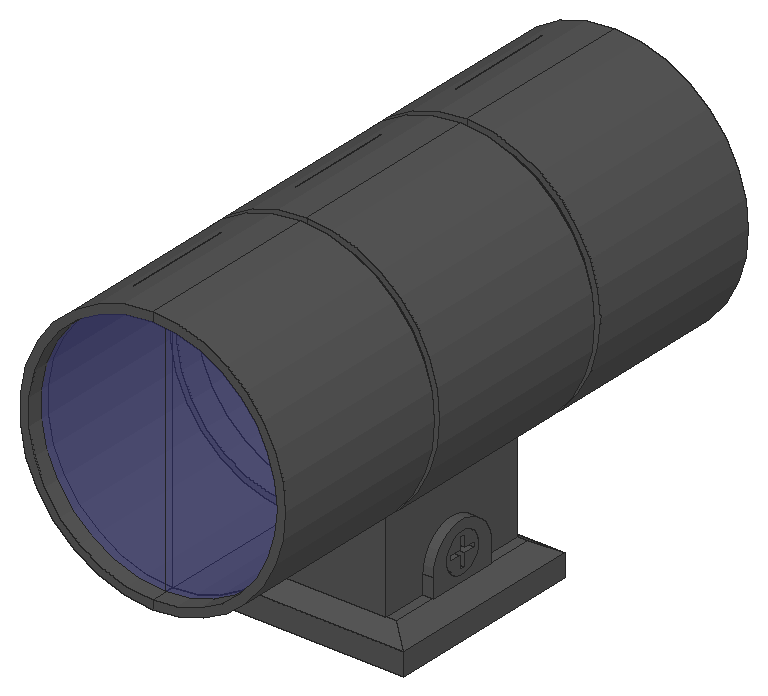
Revit family "CARLO CYLINDER LIGHT WALL MOUNT", category Lighting Fixtures, host Face, Revit 2020 (continued)
Types (10): name | Wattage_Input | Wattage Comments | Wattage | Photometric Web File | built-in parameter 1150142 | Model | built-in parameter 1150105 | Lumens | Light Length 1 | LIGHT RADIUS | LIGHT PLACEMENT | LIGHT LENGTH | LIGHT DIA | built-in parameter 1150106 | FIXED END HEIGHT | Curve base Height | Base Curve | BEAMING ANGLE | Apparent Load
    5 \r\n 1185.5 1198.5 1211 1222.8 1234 1244.9 1255.4 1265.9 1276.4 1287.8 \r\n 1299.1 1309.5 1319.4 1328.9 1337.8 1346.1 1353.6 1360.5 1366.6 1371.7 \r\n 1375.8 1378.6 1380.7 1382.8 1384.9 1387.3 1390.2 1394.1 1398.3 1402.6 \r\n 1406.6 1409.6 1411.8 1412.9 1413.6 1414.4 1414.9 1414.5 1413.7 1412.8 \r\n 1412.7 \r\n1391.1 1413.9 1414.8 1415.7 1416.1 1415.5 1414.5 1413.7 1412.6 1410.5 \r\n 1407.5 1403.5 1399 1394.6 1390.6 1387.6 1385.2 1383.1 1381.2 1379.4 \r\n 1377 1372.6 1367.2 1361.4 1354.9 1347.3 1338.9 1330 1320.5 1310.6 \r\n 1300.2 1289 1277.7 1266.9 1256.4 1246 1235.3 1223.9 1211.9 1199.2 \r\n 1186.2 1173.1 1159.7 1145.6 1131 1116.6 1101.7 1086.1 1069.4 1051 \r\n 1031.8 1012.7 992.63 970.79 947.56 922.97 897.3 870.43 843.53 817.37 \r\n 793.07 772.46 754.15 737.5 722.13 707.49 693.43 679.73 666.14 652.19 \r\n 638.26 624.55 611.2 598.53 586.16 573.78 561.49 549.63 537.22 524.19 \r\n 508.05 485.4 458.87 429.89 398.62 365.46 331.23 296.93 262.54 227.9 \r\n 194.36 162.79 134.51 112.46 92.7 69.98 51.083 43.346 39.864 35.703 \r\n 32.297 29.503 27.122 24.857 22.872 21.261 19.939 18.881 17.996 17.185 \r\n 16.453 15.773 15.144 14.553 14.012 13.538 13.104 12.685 12.29 11.912 \r\n 11.563 11.253 10.975 10.723 10.5 10.314 10.142 9.963 9.7861 9.617 \r\n 9.4493 9.281 9.1048 8.9089 8.7049 8.5091 8.2963 8.0339 7.7608 7.5145 \r\n 7.2676 7.0002 6.7271 6.4547 6.1876 5.9383 5.6904 5.4256 5.1618 4.9152 \r\n 4.6727 4.42 4.1762 3.9637 3.7586 3.544 3.33 3.1191 2.9171 2.7367 \r\n 2.5598 2.3649 2.1754 2.0159 1.8621 1.6901 1.5227 1.3796 1.2454 1.1088 \r\n 0.9768 0.85317 0.73602 0.62245 0.51934 0.43609 0.36261 0.29481 0.24703 0.24176 \r\n 0.2505 0.24176 0.24703 0.29481 0.36261 0.43609 0.51934 0.62245 0.73602 0.85317 \r\n 0.9768 1.1088 1.2454 1.3796 1.5227 1.6901 1.8621 2.0159 2.1754 2.3649 \r\n 2.5598 2.7367 2.9171 3.1191 3.33 3.544 3.7586 3.9637 4.1762 4.42 \r\n 4.6727 4.9152 5.1618 5.4256 5.6904 5.9383 6.1876 6.4547 6.7271 7.0002 \r\n 7.2676 7.5145 7.7608 8.0339 8.2963 8.5091 8.7049 8.9089 9.1048 9.281 \r\n 9.4493 9.617 9.7861 9.963 10.142 10.314 10.5 10.723 10.975 11.253 \r\n 11.563 11.912 12.29 12.685 13.104 13.538 14.012 14.553 15.144 15.773 \r\n 16.453 17.185 17.996 18.881 19.939 21.261 22.872 24.857 27.122 29.503 \r\n 32.297 35.703 39.864 43.346 51.083 69.98 92.7 112.46 134.51 162.79 \r\n 194.36 227.9 262.54 296.93 331.23 365.46 398.62 429.88 458.87 485.4 \r\n 508.05 524.19 537.22 549.63 561.49 573.78 586.16 598.53 611.2 624.55 \r\n 638.26 652.19 666.14 679.73 693.43 707.49 722.13 737.5 754.15 772.46 \r\n 793.07 817.37 843.53 870.43 897.3 922.97 947.56 970.79 992.63 1012.7 \r\n 1031.8 1051 1069.4 1086.1 1101.7 1116.6 1131 1145.6 1159.7 1173.1 \r\n 1186.2 1199.2 1211.9 1223.9 1235.3 1246 1256.4 1266.9 1277.7 1289 \r\n 1300.2 1310.6 1320.5 1330 1338.9 1347.3 1354.9 1361.4 1367.2 1372.6 \r\n 1377 1379.4 1381.2 1383.1 1385.2 1387.6 1390.6 1394.6 1399 1403.5 \r\n 1407.5 1410.5 1412.6 1413.7 1414.5 1415.5 1416.1 1415.7 1414.8 1413.9 \r\n 1412.7 \r\n1391.1 1412.8 1413.7 1414.5 1414.9 1414.4 1413.6 1412.9 1411.8 1409.6 \r\n 1406.6 1402.6 1398.3 1394.1 1390.2 1387.3 1384.9 1382.8 1380.7 1378.6 \r\n 1375.8 1371.7 1366.6 1360.5 1353.6 1346.1 1337.8 1328.9 1319.4 1309.5 \r\n 1299.1 1287.8 1276.4 1265.9 1255.4 1244.9 1234 1222.8 1211 1198.5 \r\n 1185.5 1172.5 1159.1 1145.1 1130.8 1116.2 1101.2 1085.8 1069.5 1051.5 \r\n 1032.6 1013.7 993.83 972.48 949.79 925.64 900.26 873.42 846.35 819.74 \r\n 794.95 774.09 755.64 738.91 723.5 708.79 694.71 681.08 667.55 653.5 \r\n 639.5 625.95 612.73 599.93 587.36 574.89 562.47 550.24 537.55 524.58 \r\n 508.9 487.49 462.26 433.88 403.03 370.36 336.65 302.96 269.15 235.14 \r\n 201.82 169.48 139.76 115.16 93.294 71.116 53.16 44.779 40.46 36.182 \r\n 32.828 29.957 27.527 25.348 23.422 21.659 20.155 19.028 18.114 17.287 \r\n 16.546 15.845 15.199 14.608 14.069 13.586 13.142 12.721 12.326 11.951 \r\n 11.606 11.301 11.026 10.769 10.539 10.346 10.172 10.001 9.8328 9.6644 \r\n 9.4965 9.3336 9.1617 8.9611 8.7525 8.5608 8.3528 8.0896 7.813 7.5593 \r\n 7.3055 7.0368 6.7649 6.4967 6.2325 5.978 5.7242 5.4592 5.1982 4.958 \r\n 4.7219 4.4729 4.2285 4.0067 3.7939 3.583 3.3743 3.1616 2.9573 2.7796 \r\n 2.6046 2.4041 2.2089 2.0502 1.898 1.7238 1.5531 1.4068 1.2696 1.1313 \r\n 0.99799 0.87329 0.75532 0.6422 0.53739 0.44445 0.36135 0.28851 0.23826 0.23287 \r\n 0.243 0.23655 0.24397 0.2919 0.35967 0.43493 0.51938 0.61968 0.72995 0.84583 \r\n 0.9696 1.1047 1.2434 1.3732 1.5114 1.6791 1.8523 2.006 2.1646 2.3515 \r\n 2.545 2.7259 2.9099 3.1097 3.3168 3.5278 3.7405 3.9467 4.1614 4.4043 \r\n 4.6532 4.886 5.1225 5.3817 5.644 5.8913 6.138 6.3941 6.6548 6.9216 \r\n 7.1864 7.4375 7.6869 7.952 8.2052 8.4156 8.6105 8.8121 9.006 9.1823 \r\n 9.3503 9.514 9.6794 9.8569 10.039 10.213 10.402 10.628 10.882 11.163 \r\n 11.475 11.825 12.201 12.59 13.002 13.441 13.919 14.451 15.032 15.658 \r\n 16.337 17.068 17.877 18.76 19.81 21.106 22.684 24.638 26.873 29.217 \r\n 31.983 35.399 39.538 42.866 50.437 69.386 91.933 110.66 131.62 159.62 \r\n 190.89 223.25 256.73 290.71 325 359.66 393.36 424.82 453.92 480.6 \r\n 503.36 519.59 532.64 544.94 556.66 568.88 581.27 593.8 606.69 620.24 \r\n 634.09 647.97 661.85 675.55 689.31 703.16 717.57 732.96 749.6 767.71 \r\n 787.96 811.59 837.09 863.65 890.36 916.03 940.69 963.94 985.89 1006.4 \r\n 1025.9 1044.9 1063.1 1079.9 1095.9 1111.4 1126.4 1141.1 1155.4 1168.9 \r\n 1182.1 1195.1 1207.7 1219.8 1231.3 1242 1252.5 1263 1273.7 1284.8 \r\n 1295.7 1305.8 1315.4 1324.3 1332.8 1341 1348.5 1354.8 1360.2 1365.4 \r\n 1369.5 1371.6 1373.1 1374.7 1376.5 1379.1 1382.3 1386.5 1391.1 1395.2 \r\n 1399 1401.8 1403.9 1405.4 1406.3 1407.3 1407.8 1407.5 1406.8 1406 \r\n 1412.7 \r\n1391.1 1411.7 1412.7 1413.4 1413.6 1413.3 1412.6 1412.1 1411 1408.7 \r\n 1405.6 1401.6 1397.4 1393.4 1389.7 1386.9 1384.5 1382.4 1380.2 1377.7 \r\n 1374.7 1370.7 1365.7 1359.4 1352.2 1344.6 1336.4 1327.5 1318 1308.1 \r\n 1297.6 1286.3 1274.9 1264.5 1254.2 1243.4 1232.5 1221.3 1209.8 1197.3 \r\n 1184.4 1171.4 1158 1144.2 1130 1115.3 1100.2 1085 1069 1051.3 \r\n 1032.7 1013.9 994.16 973.19 950.92 927.1 901.93 875.11 847.91 820.98 \r\n 795.87 774.86 756.33 739.56 724.13 709.39 695.28 681.69 668.2 654.12 \r\n 640.1 626.68 613.57 600.68 587.97 575.43 562.91 550.4 537.48 524.54 \r\n 509.19 488.69 464.42 436.5 405.97 373.68 340.38 307.15 273.8 240.31 \r\n 207.17 174.27 143.47 116.97 93.569 71.832 54.613 45.773 40.846 36.492 \r\n 33.188 30.272 27.812 25.689 23.798 21.925 20.289 19.115 18.181 17.343 \r\n 16.597 15.883 15.226 14.635 14.099 13.61 13.161 12.74 12.347 11.976 \r\n 11.635 11.336 11.065 10.805 10.57 10.373 10.197 10.031 9.8695 9.7015 \r\n 9.5333 9.3736 9.2036 8.9988 8.7858 8.5961 8.3907 8.127 7.8479 7.5882 \r\n 7.3287 7.0589 6.7881 6.5236 6.2621 6.0039 5.746 5.4809 5.2221 4.9877 \r\n 4.7571 4.51 4.2635 4.0356 3.8177 3.6097 3.405 3.1915 2.9858 2.8094 \r\n 2.635 2.4307 2.2315 2.0734 1.9222 1.7467 1.5739 1.4255 1.2864 1.1461 \r\n 1.0114 0.88624 0.76811 0.65559 0.54969 0.44963 0.3594 0.28389 0.23008 0.22393 \r\n 0.23443 0.22943 0.23837 0.28647 0.35426 0.43064 0.51574 0.61369 0.72115 0.83544 \r\n 0.95881 1.0964 1.2368 1.3631 1.4973 1.6647 1.8384 1.9921 2.1501 2.3345 \r\n 2.5264 2.7106 2.8975 3.0951 3.2988 3.5075 3.7188 3.9258 4.1412 4.3828 \r\n 4.6284 4.8541 5.0832 5.3375 5.5966 5.8438 6.0892 6.3364 6.5876 6.8492 \r\n 7.112 7.3664 7.6185 7.8777 8.1239 8.333 8.5279 8.7273 8.9194 9.0964 \r\n 9.2647 9.4246 9.5864 9.7642 9.9474 10.122 10.313 10.54 10.796 11.077 \r\n 11.389 11.738 12.111 12.494 12.902 13.343 13.822 14.345 14.916 15.537 \r\n 16.212 16.939 17.743 18.621 19.659 20.924 22.463 24.378 26.569 28.862 \r\n 31.577 34.974 39.063 42.268 49.619 68.234 90.278 108.15 128.26 155.96 \r\n 186.91 218.34 250.93 284.56 318.81 353.76 387.84 419.53 448.81 475.7 \r\n 498.67 515.12 528.32 540.58 552.21 564.38 576.78 589.44 602.49 616.17 \r\n 630.09 643.91 657.74 671.52 685.34 699.03 713.26 728.65 745.27 763.16 \r\n 783.04 806.03 830.9 857.13 883.68 909.32 934.03 957.31 979.38 1000.2 \r\n 1020 1039 1057.1 1074 1090.3 1106.3 1121.8 1136.7 1151 1164.7 \r\n 1178 1190.9 1203.5 1215.6 1227.3 1238.1 1248.6 1259.1 1269.7 1280.6 \r\n 1291.3 1301.2 1310.4 1319 1327.2 1335.3 1342.7 1348.8 1354.1 1359.1 \r\n 1363.1 1365.1 1366.3 1367.7 1369.4 1372 1375.4 1379.7 1384.2 1388.1 \r\n 1391.6 1394.3 1396.5 1398.2 1399.5 1400.4 1400.8 1400.7 1400.2 1399.5 \r\n 1412.7 \r\n1391.1 1410.7 1411.7 1412.3 1412.4 1412.2 1411.6 1411.1 1410.1 1407.7 \r\n 1404.5 1400.6 1396.4 1392.6 1389.2 1386.5 1384.1 1381.9 1379.6 1376.8 \r\n 1373.5 1369.5 1364.5 1358 1350.6 1343 1334.8 1325.8 1316.2 1306.2 \r\n 1295.7 1284.4 1273 1262.8 1252.6 1241.8 1230.7 1219.6 1208.1 1195.7 \r\n 1182.9 1169.8 1156.5 1142.8 1128.6 1113.8 1098.7 1083.6 1067.9 1050.4 \r\n 1032 1013.2 993.6 972.93 950.97 927.35 902.31 875.48 848.2 821.11 \r\n 795.84 774.77 756.22 739.45 724.03 709.26 695.14 681.57 668.11 654.04 \r\n 640.05 626.74 613.72 600.78 587.99 575.4 562.81 550.09 537.01 524.07 \r\n 508.91 489 465.36 437.74 407.44 375.43 342.42 309.52 276.49 243.38 \r\n 210.42 177.15 145.63 117.91 93.525 72.128 55.441 46.328 41.02 36.636 \r\n 33.379 30.448 27.976 25.879 24 22.057 20.342 19.14 18.197 17.355 \r\n 16.608 15.887 15.224 14.635 14.101 13.611 13.16 12.741 12.352 11.985 \r\n 11.649 11.357 11.09 10.83 10.593 10.395 10.218 10.055 9.896 9.7284 \r\n 9.5599 9.4008 9.2305 9.0218 8.8048 8.6149 8.4102 8.1462 7.8655 7.6012 \r\n 7.3373 7.0665 6.7967 6.5353 6.2763 6.0162 5.7558 5.4908 5.2337 5.0034 \r\n 4.7764 4.5291 4.2812 4.0502 3.83 3.624 3.422 3.2088 3.0026 2.8262 \r\n 2.6512 2.4446 2.2434 2.0854 1.9348 1.7587 1.5851 1.4359 1.2956 1.1535 \r\n 1.0172 0.89201 0.7744 0.66263 0.55626 0.45162 0.35675 0.28096 0.22252 0.21493 \r\n 0.2248 0.22041 0.23025 0.27853 0.34638 0.42322 0.50841 0.60447 0.70961 0.82202 \r\n 0.94443 1.0838 1.2256 1.3493 1.4804 1.6467 1.8202 1.9741 2.132 2.3139 \r\n 2.5039 2.6906 2.8799 3.0753 3.276 3.4832 3.6937 3.9005 4.1155 4.3554 \r\n 4.5983 4.8196 5.0437 5.2929 5.5481 5.7958 6.041 6.2816 6.5255 6.7831 \r\n 7.0441 7.3012 7.5556 7.8108 8.0525 8.2615 8.4569 8.6546 8.8451 9.0234 \r\n 9.1924 9.3489 9.5072 9.6849 9.8688 10.044 10.233 10.46 10.716 10.996 \r\n 11.306 11.651 12.021 12.399 12.802 13.243 13.721 14.236 14.798 15.411 \r\n 16.079 16.799 17.594 18.463 19.483 20.714 22.208 24.075 26.21 28.436 \r\n 31.08 34.427 38.439 41.551 48.631 66.525 87.734 104.91 124.45 151.8 \r\n 182.41 213.17 245.14 278.48 312.65 347.75 382.09 414.01 443.55 470.7 \r\n 493.96 510.76 524.24 536.54 548.13 560.28 572.68 585.45 598.61 612.34 \r\n 626.27 640.03 653.8 667.64 681.51 695.1 709.22 724.59 741.14 758.81 \r\n 778.32 800.69 824.95 850.87 877.24 902.84 927.58 950.9 973.09 994.25 \r\n 1014.3 1033.3 1051.3 1068.4 1084.9 1101.3 1117.3 1132.3 1146.6 1160.5 \r\n 1173.8 1186.8 1199.3 1211.5 1223.2 1234.1 1244.6 1255.1 1265.6 1276.4 \r\n 1286.9 1296.6 1305.8 1314.1 1322.1 1330.2 1337.6 1343.6 1348.7 1353.7 \r\n 1357.7 1359.7 1360.9 1362.1 1363.7 1366.4 1369.8 1374.1 1378.5 1382.1 \r\n 1385.4 1388.1 1390.3 1392.3 1393.9 1394.8 1395.2 1395.2 1394.9 1394.2 \r\n 1412.7 \r\n1391.1 1409.7 1410.7 1411.2 1411.3 1411.1 1410.6 1410.1 1409 1406.5 \r\n 1403.2 1399.4 1395.3 1391.8 1388.6 1385.9 1383.6 1381.3 1378.9 1375.8 \r\n 1372.3 1368.2 1363.1 1356.4 1348.8 1341.1 1332.9 1323.8 1314.1 1304 \r\n 1293.4 1282.1 1270.9 1260.7 1250.6 1239.8 1228.6 1217.6 1206.1 1193.8 \r\n 1180.9 1167.9 1154.6 1140.9 1126.8 1111.9 1096.6 1081.7 1066.2 1048.8 \r\n 1030.5 1011.8 992.16 971.68 949.92 926.4 901.39 874.55 847.23 820.13 \r\n 794.85 773.81 755.3 738.58 723.2 708.42 694.28 680.72 667.28 653.26 \r\n 639.35 626.13 613.18 600.25 587.42 574.81 562.17 549.32 536.13 523.16 \r\n 508.06 488.42 465.08 437.61 407.44 375.61 342.78 310.05 277.21 244.37 \r\n 211.56 178.11 146.24 117.96 93.163 72.002 55.644 46.443 40.984 36.611 \r\n 33.399 30.485 28.02 25.92 24.028 22.055 20.313 19.104 18.161 17.321 \r\n 16.578 15.856 15.193 14.607 14.077 13.588 13.139 12.725 12.341 11.98 \r\n 11.65 11.364 11.103 10.845 10.608 10.41 10.234 10.071 9.9126 9.7451 \r\n 9.5762 9.4154 9.2426 9.0301 8.8095 8.6173 8.4111 8.147 7.8659 7.5983 \r\n 7.3312 7.0597 6.7905 6.5317 6.2753 6.0148 5.7536 5.489 5.2328 5.0038 \r\n 4.7778 4.5301 4.2816 4.0505 3.8308 3.626 3.4254 3.2134 3.0076 2.8298 \r\n 2.6531 2.4458 2.2444 2.0863 1.9358 1.76 1.5866 1.4378 1.2973 1.1532 \r\n 1.0151 0.8906 0.77418 0.6633 0.55708 0.45043 0.3534 0.27757 0.21555 0.20587 \r\n 0.2141 0.20948 0.21959 0.26806 0.33602 0.41266 0.49741 0.59202 0.69534 0.80555 \r\n 0.92645 1.0669 1.2099 1.3319 1.4606 1.6254 1.7979 1.9522 2.1103 2.2897 \r\n 2.4775 2.666 2.857 3.0503 3.2482 3.4549 3.665 3.8708 4.0843 4.3222 \r\n 4.5628 4.7825 5.0042 5.248 5.4985 5.7472 5.9935 6.2297 6.4684 6.7232 \r\n 6.9829 7.2419 7.4982 7.7513 7.9909 8.2009 8.3976 8.5939 8.7831 8.9631 \r\n 9.1334 9.2869 9.4416 9.619 9.8029 9.976 10.164 10.388 10.641 10.919 \r\n 11.226 11.566 11.93 12.304 12.704 13.142 13.616 14.124 14.675 15.279 \r\n 15.936 16.646 17.431 18.287 19.285 20.477 21.921 23.731 25.798 27.939 \r\n 30.492 33.759 37.666 40.715 47.471 64.258 84.302 100.96 120.16 147.15 \r\n 177.39 207.75 239.35 272.46 306.53 341.63 376.09 408.27 438.13 465.61 \r\n 489.24 506.52 520.42 532.83 544.41 556.58 569 581.83 595.03 608.74 \r\n 622.62 636.31 650.03 663.91 677.81 691.37 705.43 720.77 737.22 754.65 \r\n 773.78 795.56 819.25 844.86 871.06 896.58 921.34 944.72 967.04 988.44 \r\n 1008.7 1027.7 1045.7 1063 1079.7 1096.5 1112.8 1127.9 1142.3 1156.2 \r\n 1169.7 1182.6 1195.2 1207.5 1219.2 1230.2 1240.7 1251.1 1261.5 1272.1 \r\n 1282.5 1292.2 1301.3 1309.6 1317.5 1325.6 1333 1339.1 1344.3 1349.3 \r\n 1353.3 1355.4 1356.8 1358 1359.6 1362.2 1365.5 1369.7 1373.9 1377.3 \r\n 1380.4 1383 1385.4 1387.7 1389.5 1390.4 1390.9 1391 1390.8 1390.3 \r\n 1412.7 \r\n1391.1 1408.7 1409.7 1410.1 1410.1 1409.9 1409.4 1409 1407.9 1405.3 \r\n 1401.9 1398 1394 1390.7 1387.8 1385.3 1383 1380.6 1378 1374.8 \r\n 1371 1366.6 1361.3 1354.4 1346.7 1338.9 1330.5 1321.3 1311.5 1301.2 \r\n 1290.4 1279.2 1268.2 1258.2 1248.2 1237.4 1226.2 1215.1 1203.6 1191.2 \r\n 1178.3 1165.4 1152 1138.3 1124.1 1109.1 1093.8 1079 1063.5 1046.2 \r\n 1027.9 1009.1 989.48 969.07 947.38 923.8 898.71 871.84 844.56 817.64 \r\n 792.59 771.72 753.36 736.76 721.45 706.7 692.55 678.95 665.51 651.64 \r\n 637.89 624.72 611.8 598.92 586.14 573.53 560.86 547.99 534.74 521.7 \r\n 506.5 486.63 463.09 435.58 405.42 373.6 340.77 307.98 275.09 242.33 \r\n 209.66 176.31 144.63 116.93 92.634 71.409 54.899 45.872 40.629 36.333 \r\n 33.161 30.311 27.883 25.729 23.78 21.841 20.151 18.967 18.041 17.213 \r\n 16.478 15.767 15.113 14.531 14.005 13.524 13.084 12.677 12.301 11.948 \r\n 11.626 11.348 11.094 10.842 10.61 10.417 10.243 10.076 9.9131 9.7455 \r\n 9.5762 9.4106 9.2322 9.0166 8.793 8.5953 8.3845 8.1208 7.841 7.5721 \r\n 7.3036 7.0313 6.7624 6.5056 6.2518 5.994 5.7349 5.4704 5.2133 4.9832 \r\n 4.7562 4.5064 4.2586 4.0318 3.8164 3.6113 3.4098 3.2 2.9958 2.8142 \r\n 2.6337 2.4281 2.229 2.0702 1.919 1.745 1.5742 1.4278 1.2887 1.1421 \r\n 1.0016 0.87858 0.76462 0.65494 0.54988 0.44523 0.34994 0.27434 0.21008 0.19735 \r\n 0.20241 0.19578 0.20479 0.25374 0.32225 0.39769 0.48118 0.57551 0.6782 0.78561 \r\n 0.90404 1.0452 1.1893 1.3108 1.4383 1.6008 1.7714 1.9268 2.0859 2.2627 \r\n 2.4479 2.6376 2.8298 3.0204 3.2156 3.4236 3.635 3.8376 4.0471 4.2826 \r\n 4.5222 4.7444 4.9673 5.2043 5.4483 5.6995 5.9495 6.1846 6.4211 6.6743 \r\n 6.9333 7.1928 7.4503 7.7051 7.9466 8.1591 8.3572 8.5516 8.739 8.9214 \r\n 9.0936 9.2432 9.3934 9.57 9.7529 9.9215 10.104 10.324 10.572 10.846 \r\n 11.147 11.48 11.837 12.21 12.608 13.039 13.506 14.008 14.552 15.141 \r\n 15.783 16.48 17.248 18.086 19.058 20.204 21.59 23.33 25.31 27.335 \r\n 29.759 32.907 36.672 39.712 46.053 61.046 79.365 95.911 115.35 141.95 \r\n 171.84 202.36 234.19 267.23 301.13 335.97 370.3 402.77 433.09 460.97 \r\n 485.03 502.91 517.3 529.84 541.42 553.62 566.05 578.9 592.07 605.63 \r\n 619.36 633 646.72 660.59 674.52 688.17 702.29 717.58 733.89 751.04 \r\n 769.79 791.01 814.17 839.52 865.59 890.98 915.67 939.12 961.54 983.05 \r\n 1003.5 1022.5 1040.6 1058 1075 1092 1108.4 1123.6 1138 1152 \r\n 1165.5 1178.6 1191.3 1203.6 1215.4 1226.3 1236.7 1247.1 1257.4 1267.9 \r\n 1278.2 1288 1297.3 1305.8 1313.9 1322 1329.5 1335.7 1341.1 1346.2 \r\n 1350.5 1353 1354.7 1356.1 1357.7 1360.1 1363.1 1366.9 1370.7 1374 \r\n 1376.9 1379.7 1382.2 1384.8 1386.9 1387.9 1388.5 1388.7 1388.6 1388.1 \r\n 1412.7 \r\n1391.1 1407.8 1408.7 1409.1 1409 1408.7 1408.2 1407.8 1406.6 1404 \r
